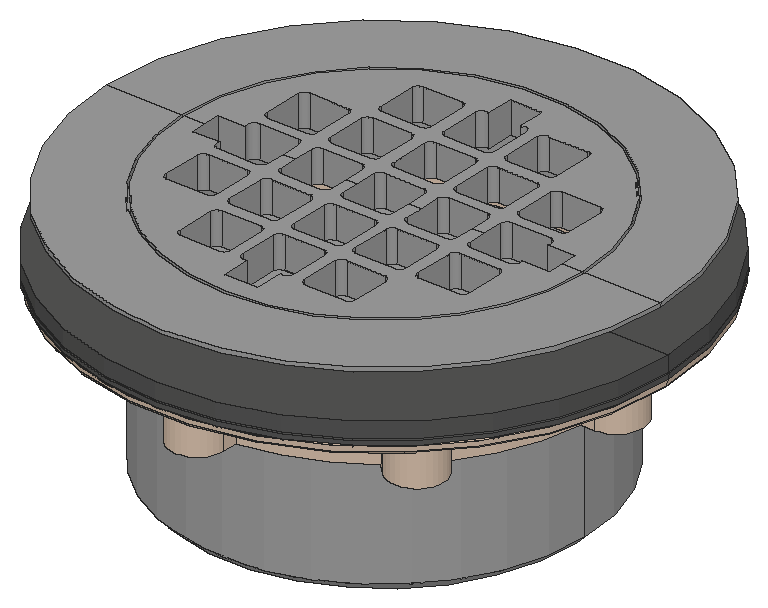
Revit family "Shower-Drain-KOHLER-Round-K-9132", category Specialty Equipment, host Face, Revit 2015
Parameters (values of type "See Type Catalog")
  Width = 4 1/2"  # constant formula
  URL = "https://www.us.kohler.com/us/"
  Type = 0
  Product Page URL = "http://www.us.kohler.com/us/catalog/productDetails.jsp?productNumber=9132"
  Product Name = "Shower Drain"  # constant formula
  Product Documentation Link = "http://www.us.kohler.com/onlinecatalog/pdf/K-9132_spec.pdf"
  Model = if(Type = 1, "K-9132-CP", if(Type = 2, "K-9132-SN", if(Type = 3, "K-9132-AF", if(Type = 4, "K-9132-PB", if(Type = 5, "K-9132-BGD", if(Type = 6, "K-9132-G", if(Type = 7, "K-9132-BN", if(Type = 8, "K-9132-BV", if(Type = 9, "K-9132-2BZ", if(Type = 10, "K-9132-BL", if(Type = 11, "K-9132-TT", if(Type = 12, "K-9132-VNT", "NA"))))))))))))  # "NA"
  Material = "Solid Brass Construction"  # constant formula
  MasterFormat 2004 = "10.28.13"  # constant formula
  MasterFormat 1995 = "10820"  # constant formula
  Manufacturer Address = "444 Highland Dr, Kohler, WI 53044"  # constant formula
  Manufacturer = "KOHLER Co."  # constant formula
  Length = 4 1/2"  # constant formula
  Height = 1 15/16"  # constant formula
  Finish = Default
  Environmental Product Declaration = ""
  Description = "Round shower drain for use with plastic pipe, gasket included"  # constant formula
  Default Elevation = 42"
  Declare Label = ""
  Date Modified = "02/28/2018"  # constant formula
  Date Created = "02/28/2018"  # constant formula
  Copyright = "Copyright KOHLER Co."  # constant formula
  Contact Us = "https://www.us.kohler.com/us/static/contact.jsp"
  Assembly Code = "C1030200"
  ADA = no
Reference planes (in)
  plane 1 "Center (Front/Back)": y = 0
  plane 2: z = 0
  plane 3 "Center (Left/Right)": x = 0
  plane 4: y = 2.25003
  plane 5: y = -2.24997
  plane 6: x = -2.25
  plane 7: x = 2.25
  plane 8: z = 1.9375
Dimensions and locks (in)
  "Length": plane 5 to plane 4
  "Width": plane 6 to plane 7
  "Height": plane 8 to level
  aligned and locked: plane 2 to host face
  aligned and locked: level to host face
Automatic sketch dimensions
  host sketch curve to host sketch curve = 96"  (x2)
Nested families (in)
  nested 1: "K-9132" at (0, 0, 0), type "K-9132"
Definition of nested family "K-9132"
  Parameters (values of type "K-9132")
    Material = none
  Reference planes (in)
    plane 1 "Center (Front/Back)": y = 0
    plane 2: z = 0
    plane 3 "Center (Left/Right)": x = 0
  Forms (in)
    Revolve 1, solid, material <- "Material"
      sketch origin (0, 0, 0) x (1, 0, 0) y (0, 0, 1)
        loop
          line (0, 1.9375) -> (-1.57251, 1.9375) -> (-1.57251, 1.86867)
          arc (-1.57251, 1.86867) -> (-1.58313, 1.85805) -> (-1.59375, 1.86867) r 0.01062
          line (-1.59375, 1.86867) -> (-1.59375, 1.9375) -> (-2.1875, 1.9375) -> (-2.1875, 1.90626) -> (-1.64103, 1.80003)
          arc (-1.64103, 1.80003) -> (-1.60477, 1.77844) -> (-1.59054, 1.73871) r 0.06239
          line (-1.59054, 1.73871) -> (-1.59054, 0.0671) -> (-1.52344, 0) -> (0, 0) -> (0, 1.11933) -> (-1.49608, 1.11933) -> (-1.49608, 1.6875) -> (0, 1.6875) -> (0, 1.9375)
        axis (0, 1.9375) -> (0, 0)
      angle from 0 to 360
    Revolve 2, solid
      sketch origin (0, 0, 0) x (1, 0, 0) y (0, 0, 1)
        loop
          line (-1.59021, 1.59125) -> (-2.25, 1.59125) -> (-2.25, 1.46625) -> (-1.59071, 1.46625)
          arc (-1.59071, 1.46625) -> (-1.61744, 1.45405) -> (-1.64669, 1.45125) r 0.08879
          line (-1.64669, 1.45125) -> (-2.25, 1.45125) -> (-2.25, 1.42049) -> (-1.59071, 1.42049)
          arc (-1.59071, 1.42049) -> (-1.60519, 1.40997) -> (-1.62269, 1.40625) r 0.04303
          line (-1.62269, 1.40625) -> (-1.54652, 1.40625) -> (-1.54652, 1.59125) -> (-1.59021, 1.59125)
        axis (0, 1.59125) -> (0, 1.40625)
      angle from 0 to 360
    Extrusion 3, solid
      sketch origin (0, 0, 0) x (1, 0, 0) y (0, 1, 0)
        loop
          line (-1.0706, 1.36919) -> (-1.15295, 1.45155)
          arc (-1.15295, 1.45155) -> (-1.45216, 1.451) -> (-1.45051, 1.15179) r 0.21118
          line (-1.45051, 1.15179) -> (-1.36925, 1.07053)
          arc (-1.36925, 1.07053) -> (-1.60563, 0.66546) -> (-1.7251, 0.21194) r 1.73807
          line (-1.7251, 0.21194) -> (-1.83573, 0.21194)
          arc (-1.83573, 0.21194) -> (-2.04847, 0.00154) -> (-1.83728, -0.21042) r 0.21118
          line (-1.83728, -0.21042) -> (-1.72528, -0.21042)
          arc (-1.72528, -0.21042) -> (-1.60592, -0.66475) -> (-1.36925, -1.07053) r 1.73807
          line (-1.36925, -1.07053) -> (-1.45051, -1.15179)
          arc (-1.45051, -1.15179) -> (-1.45216, -1.451) -> (-1.15295, -1.45155) r 0.21118
          line (-1.15295, -1.45155) -> (-1.0706, -1.36919)
          arc (-1.0706, -1.36919) -> (-0.66511, -1.60577) -> (-0.21109, -1.7252) r 1.73807
          line (-0.21109, -1.7252) -> (-0.21109, -1.83809)
          arc (-0.21109, -1.83809) -> (-0.00069, -2.05083) -> (0.21127, -1.83964) r 0.21118
          line (0.21127, -1.83964) -> (0.21127, -1.72518)
          arc (0.21127, -1.72518) -> (0.66519, -1.60574) -> (1.0706, -1.36919) r 1.73807
          line (1.0706, -1.36919) -> (1.15295, -1.45155)
          arc (1.15295, -1.45155) -> (1.45216, -1.451) -> (1.45051, -1.15179) r 0.21118
          line (1.45051, -1.15179) -> (1.36925, -1.07053)
          arc (1.36925, -1.07053) -> (1.60592, -0.66475) -> (1.72528, -0.21042) r 1.73807
          line (1.72528, -0.21042) -> (1.83728, -0.21042)
          arc (1.83728, -0.21042) -> (2.04847, 0.00154) -> (1.83573, 0.21194) r 0.21118
          line (1.83573, 0.21194) -> (1.7251, 0.21194)
          arc (1.7251, 0.21194) -> (1.60563, 0.66546) -> (1.36925, 1.07053) r 1.73807
          line (1.36925, 1.07053) -> (1.45051, 1.15179)
          arc (1.45051, 1.15179) -> (1.45216, 1.451) -> (1.15295, 1.45155) r 0.21118
          line (1.15295, 1.45155) -> (1.0706, 1.36919)
          arc (1.0706, 1.36919) -> (0.66519, 1.60574) -> (0.21127, 1.72518) r 1.73807
          line (0.21127, 1.72518) -> (0.21127, 1.83964)
          arc (0.21127, 1.83964) -> (-0.00069, 2.05083) -> (-0.21109, 1.83809) r 0.21118
          line (-0.21109, 1.83809) -> (-0.21109, 1.7252)
          arc (-0.21109, 1.7252) -> (-0.66511, 1.60577) -> (-1.0706, 1.36919) r 1.73807
        loop
          circle (-0.00069, 0) r 1.47986
      from 1 to 1.33897
    Extrusion 4, void
      sketch origin (0, 0, 0) x (1, 0, 0) y (0, 1, 0)
        loop
          arc (-1.19975, 0.34556) -> (-1.18458, 0.30892) -> (-1.14794, 0.29375) r 0.05181
          line (-1.14794, 0.29375) -> (-0.84095, 0.29375)
          arc (-0.84095, 0.29375) -> (-0.80757, 0.30757) -> (-0.79375, 0.34095) r 0.0472
          line (-0.79375, 0.34095) -> (-0.79375, 0.64898)
          arc (-0.79375, 0.64898) -> (-0.80862, 0.68488) -> (-0.84452, 0.69975) r 0.05077
          line (-0.84452, 0.69975) -> (-1.14776, 0.69975)
          arc (-1.14776, 0.69975) -> (-1.18452, 0.68452) -> (-1.19975, 0.64776) r 0.05199
          line (-1.19975, 0.64776) -> (-1.19975, 0.34556)
        loop
          arc (-0.69975, 0.34556) -> (-0.68458, 0.30892) -> (-0.64794, 0.29375) r 0.05181
          line (-0.64794, 0.29375) -> (-0.34095, 0.29375)
          arc (-0.34095, 0.29375) -> (-0.30757, 0.30757) -> (-0.29375, 0.34095) r 0.0472
          line (-0.29375, 0.34095) -> (-0.29375, 0.64898)
          arc (-0.29375, 0.64898) -> (-0.30862, 0.68488) -> (-0.34452, 0.69975) r 0.05077
          line (-0.34452, 0.69975) -> (-0.64776, 0.69975)
          arc (-0.64776, 0.69975) -> (-0.68452, 0.68452) -> (-0.69975, 0.64776) r 0.05199
          line (-0.69975, 0.64776) -> (-0.69975, 0.34556)
        loop
          arc (-0.19975, 0.34556) -> (-0.18458, 0.30892) -> (-0.14794, 0.29375) r 0.05181
          line (-0.14794, 0.29375) -> (0.15905, 0.29375)
          arc (0.15905, 0.29375) -> (0.19243, 0.30757) -> (0.20625, 0.34095) r 0.0472
          line (0.20625, 0.34095) -> (0.20625, 0.64898)
          arc (0.20625, 0.64898) -> (0.19138, 0.68488) -> (0.15548, 0.69975) r 0.05077
          line (0.15548, 0.69975) -> (-0.14776, 0.69975)
          arc (-0.14776, 0.69975) -> (-0.18452, 0.68452) -> (-0.19975, 0.64776) r 0.05199
          line (-0.19975, 0.64776) -> (-0.19975, 0.34556)
        loop
          arc (0.29244, 0.34556) -> (0.30761, 0.30892) -> (0.34425, 0.29375) r 0.05181
          line (0.34425, 0.29375) -> (0.65124, 0.29375)
          arc (0.65124, 0.29375) -> (0.68461, 0.30757) -> (0.69844, 0.34095) r 0.0472
          line (0.69844, 0.34095) -> (0.69844, 0.64898)
          arc (0.69844, 0.64898) -> (0.68357, 0.68488) -> (0.64766, 0.69975) r 0.05077
          line (0.64766, 0.69975) -> (0.34443, 0.69975)
          arc (0.34443, 0.69975) -> (0.30767, 0.68452) -> (0.29244, 0.64776) r 0.05199
          line (0.29244, 0.64776) -> (0.29244, 0.34556)
        loop
          arc (0.79244, 0.34556) -> (0.80761, 0.30892) -> (0.84425, 0.29375) r 0.05181
          line (0.84425, 0.29375) -> (1.15124, 0.29375)
          arc (1.15124, 0.29375) -> (1.18461, 0.30757) -> (1.19844, 0.34095) r 0.0472
          line (1.19844, 0.34095) -> (1.19844, 0.64898)
          arc (1.19844, 0.64898) -> (1.18357, 0.68488) -> (1.14766, 0.69975) r 0.05077
          line (1.14766, 0.69975) -> (0.84443, 0.69975)
          arc (0.84443, 0.69975) -> (0.80767, 0.68452) -> (0.79244, 0.64776) r 0.05199
          line (0.79244, 0.64776) -> (0.79244, 0.34556)
        loop
          arc (-0.69592, -0.14819) -> (-0.68074, -0.18483) -> (-0.64411, -0.2) r 0.05181
          line (-0.64411, -0.2) -> (-0.33712, -0.2)
          arc (-0.33712, -0.2) -> (-0.30374, -0.18618) -> (-0.28992, -0.1528) r 0.0472
          line (-0.28992, -0.1528) -> (-0.28992, 0.15523)
          arc (-0.28992, 0.15523) -> (-0.30479, 0.19113) -> (-0.34069, 0.206) r 0.05077
          line (-0.34069, 0.206) -> (-0.64392, 0.206)
          arc (-0.64392, 0.206) -> (-0.68069, 0.19077) -> (-0.69592, 0.15401) r 0.05199
          line (-0.69592, 0.15401) -> (-0.69592, -0.14819)
        loop
          arc (-0.20373, -0.14819) -> (-0.18856, -0.18483) -> (-0.15192, -0.2) r 0.05181
          line (-0.15192, -0.2) -> (0.15507, -0.2)
          arc (0.15507, -0.2) -> (0.18844, -0.18618) -> (0.20227, -0.1528) r 0.0472
          line (0.20227, -0.1528) -> (0.20227, 0.15523)
          arc (0.20227, 0.15523) -> (0.1874, 0.19113) -> (0.1515, 0.206) r 0.05077
          line (0.1515, 0.206) -> (-0.15174, 0.206)
          arc (-0.15174, 0.206) -> (-0.1885, 0.19077) -> (-0.20373, 0.15401) r 0.05199
          line (-0.20373, 0.15401) -> (-0.20373, -0.14819)
        loop
          arc (0.29627, -0.14819) -> (0.31144, -0.18483) -> (0.34808, -0.2) r 0.05181
          line (0.34808, -0.2) -> (0.65507, -0.2)
          arc (0.65507, -0.2) -> (0.68844, -0.18618) -> (0.70227, -0.1528) r 0.0472
          line (0.70227, -0.1528) -> (0.70227, 0.15523)
          arc (0.70227, 0.15523) -> (0.6874, 0.19113) -> (0.6515, 0.206) r 0.05077
          line (0.6515, 0.206) -> (0.34826, 0.206)
          arc (0.34826, 0.206) -> (0.3115, 0.19077) -> (0.29627, 0.15401) r 0.05199
          line (0.29627, 0.15401) -> (0.29627, -0.14819)
        loop
          arc (0.79627, -0.14819) -> (0.81144, -0.18483) -> (0.84808, -0.2) r 0.05181
          line (0.84808, -0.2) -> (1.15507, -0.2)
          arc (1.15507, -0.2) -> (1.19714, -0.1742) -> (1.19321, -0.125) r 0.0472
          line (1.19321, -0.125) -> (1.4115, -0.125) -> (1.4115, 0.125) -> (1.19229, 0.125)
          arc (1.19229, 0.125) -> (1.19684, 0.17807) -> (1.1515, 0.206) r 0.05077
          line (1.1515, 0.206) -> (0.84826, 0.206)
          arc (0.84826, 0.206) -> (0.8115, 0.19077) -> (0.79627, 0.15401) r 0.05199
          line (0.79627, 0.15401) -> (0.79627, -0.14819)
        loop
          arc (-0.70199, -0.64794) -> (-0.68681, -0.68458) -> (-0.65018, -0.69975) r 0.05181
          line (-0.65018, -0.69975) -> (-0.34318, -0.69975)
          arc (-0.34318, -0.69975) -> (-0.30981, -0.68593) -> (-0.29599, -0.65255) r 0.0472
          line (-0.29599, -0.65255) -> (-0.29599, -0.34452)
          arc (-0.29599, -0.34452) -> (-0.31086, -0.30862) -> (-0.34676, -0.29375) r 0.05077
          line (-0.34676, -0.29375) -> (-0.64999, -0.29375)
          arc (-0.64999, -0.29375) -> (-0.68676, -0.30898) -> (-0.70199, -0.34574) r 0.05199
          line (-0.70199, -0.34574) -> (-0.70199, -0.64794)
        loop
          arc (-0.19544, -0.64794) -> (-0.18027, -0.68458) -> (-0.14363, -0.69975) r 0.05181
          line (-0.14363, -0.69975) -> (0.16336, -0.69975)
          arc (0.16336, -0.69975) -> (0.19673, -0.68593) -> (0.21056, -0.65255) r 0.0472
          line (0.21056, -0.65255) -> (0.21056, -0.34452)
          arc (0.21056, -0.34452) -> (0.19569, -0.30862) -> (0.15979, -0.29375) r 0.05077
          line (0.15979, -0.29375) -> (-0.14345, -0.29375)
          arc (-0.14345, -0.29375) -> (-0.18021, -0.30898) -> (-0.19544, -0.34574) r 0.05199
          line (-0.19544, -0.34574) -> (-0.19544, -0.64794)
        loop
          arc (0.28893, -0.64794) -> (0.30411, -0.68458) -> (0.34074, -0.69975) r 0.05181
          line (0.34074, -0.69975) -> (0.64774, -0.69975)
          arc (0.64774, -0.69975) -> (0.68111, -0.68593) -> (0.69493, -0.65255) r 0.0472
          line (0.69493, -0.65255) -> (0.69493, -0.34452)
          arc (0.69493, -0.34452) -> (0.68006, -0.30862) -> (0.64416, -0.29375) r 0.05077
          line (0.64416, -0.29375) -> (0.34093, -0.29375)
          arc (0.34093, -0.29375) -> (0.30416, -0.30898) -> (0.28893, -0.34574) r 0.05199
          line (0.28893, -0.34574) -> (0.28893, -0.64794)
        loop
          arc (0.78893, -0.64794) -> (0.80411, -0.68458) -> (0.84074, -0.69975) r 0.05181
          line (0.84074, -0.69975) -> (1.14774, -0.69975)
          arc (1.14774, -0.69975) -> (1.18111, -0.68593) -> (1.19493, -0.65255) r 0.0472
          line (1.19493, -0.65255) -> (1.19493, -0.34452)
          arc (1.19493, -0.34452) -> (1.18006, -0.30862) -> (1.14416, -0.29375) r 0.05077
          line (1.14416, -0.29375) -> (0.84093, -0.29375)
          arc (0.84093, -0.29375) -> (0.80416, -0.30898) -> (0.78893, -0.34574) r 0.05199
          line (0.78893, -0.34574) -> (0.78893, -0.64794)
        loop
          arc (-0.69442, -1.14794) -> (-0.67925, -1.18458) -> (-0.64261, -1.19975) r 0.05181
          line (-0.64261, -1.19975) -> (-0.33562, -1.19975)
          arc (-0.33562, -1.19975) -> (-0.30225, -1.18593) -> (-0.28842, -1.15255) r 0.0472
          line (-0.28842, -1.15255) -> (-0.28842, -0.84452)
          arc (-0.28842, -0.84452) -> (-0.30329, -0.80862) -> (-0.3392, -0.79375) r 0.05077
          line (-0.3392, -0.79375) -> (-0.64243, -0.79375)
          arc (-0.64243, -0.79375) -> (-0.67919, -0.80898) -> (-0.69442, -0.84574) r 0.05199
          line (-0.69442, -0.84574) -> (-0.69442, -1.14794)
        loop
          arc (-0.20481, -1.13909) -> (-0.18032, -1.18311) -> (-0.13, -1.18551) r 0.05181
          line (-0.13, -1.18551) -> (-0.13, -1.4115) -> (0.13, -1.4115) -> (0.13, -1.18435)
          arc (0.13, -1.18435) -> (0.17739, -1.18469) -> (0.20119, -1.1437) r 0.0472
          line (0.20119, -1.1437) -> (0.20119, -0.83567)
          arc (0.20119, -0.83567) -> (0.18632, -0.79977) -> (0.15041, -0.7849) r 0.05077
          line (0.15041, -0.7849) -> (-0.15282, -0.7849)
          arc (-0.15282, -0.7849) -> (-0.18958, -0.80013) -> (-0.20481, -0.83689) r 0.05199
          line (-0.20481, -0.83689) -> (-0.20481, -1.13909)
        loop
          arc (0.29519, -1.15472) -> (0.31036, -1.19135) -> (0.347, -1.20652) r 0.05181
          line (0.347, -1.20652) -> (0.65399, -1.20652)
          arc (0.65399, -1.20652) -> (0.68736, -1.1927) -> (0.70119, -1.15933) r 0.0472
          line (0.70119, -1.15933) -> (0.70119, -0.8513)
          arc (0.70119, -0.8513) -> (0.68632, -0.81539) -> (0.65041, -0.80052) r 0.05077
          line (0.65041, -0.80052) -> (0.34718, -0.80052)
          arc (0.34718, -0.80052) -> (0.31042, -0.81575) -> (0.29519, -0.85252) r 0.05199
          line (0.29519, -0.85252) -> (0.29519, -1.15472)
        loop
          arc (-0.69999, 0.84531) -> (-0.68482, 0.80867) -> (-0.64818, 0.7935) r 0.05181
          line (-0.64818, 0.7935) -> (-0.34119, 0.7935)
          arc (-0.34119, 0.7935) -> (-0.30781, 0.80732) -> (-0.29399, 0.8407) r 0.0472
          line (-0.29399, 0.8407) -> (-0.29399, 1.14873)
          arc (-0.29399, 1.14873) -> (-0.30886, 1.18463) -> (-0.34476, 1.1995) r 0.05077
          line (-0.34476, 1.1995) -> (-0.648, 1.1995)
          arc (-0.648, 1.1995) -> (-0.68476, 1.18427) -> (-0.69999, 1.14751) r 0.05199
          line (-0.69999, 1.14751) -> (-0.69999, 0.84531)
        loop
          arc (-0.19999, 0.84531) -> (-0.18482, 0.80867) -> (-0.14818, 0.7935) r 0.05181
          line (-0.14818, 0.7935) -> (0.15881, 0.7935)
          arc (0.15881, 0.7935) -> (0.19219, 0.80732) -> (0.20601, 0.8407) r 0.0472
          line (0.20601, 0.8407) -> (0.20601, 1.14873)
          arc (0.20601, 1.14873) -> (0.1807, 1.19265) -> (0.13, 1.19278) r 0.05077
          line (0.13, 1.19278) -> (0.13, 1.4115) -> (-0.13, 1.4115) -> (-0.13, 1.19629)
          arc (-0.13, 1.19629) -> (-0.17773, 1.19016) -> (-0.19999, 1.14751) r 0.05199
          line (-0.19999, 1.14751) -> (-0.19999, 0.84531)
        loop
          arc (0.2922, 0.84531) -> (0.30737, 0.80867) -> (0.344, 0.7935) r 0.05181
          line (0.344, 0.7935) -> (0.651, 0.7935)
          arc (0.651, 0.7935) -> (0.68437, 0.80732) -> (0.6982, 0.8407) r 0.0472
          line (0.6982, 0.8407) -> (0.6982, 1.14873)
          arc (0.6982, 1.14873) -> (0.68333, 1.18463) -> (0.64742, 1.1995) r 0.05077
          line (0.64742, 1.1995) -> (0.34419, 1.1995)
          arc (0.34419, 1.1995) -> (0.30743, 1.18427) -> (0.2922, 1.14751) r 0.05199
          line (0.2922, 1.14751) -> (0.2922, 0.84531)
        loop
          arc (-0.7926, 0.15523) -> (-0.80747, 0.19113) -> (-0.84337, 0.206) r 0.05077
          line (-0.84337, 0.206) -> (-1.1466, 0.206)
          arc (-1.1466, 0.206) -> (-1.19249, 0.17845) -> (-1.18975, 0.125) r 0.05199
          line (-1.18975, 0.125) -> (-1.4115, 0.125) -> (-1.4115, -0.125) -> (-1.19312, -0.125)
          arc (-1.19312, -0.125) -> (-1.19087, -0.17542) -> (-1.14679, -0.2) r 0.05181
          line (-1.14679, -0.2) -> (-0.8398, -0.2)
          arc (-0.8398, -0.2) -> (-0.80642, -0.18618) -> (-0.7926, -0.1528) r 0.0472
          line (-0.7926, -0.1528) -> (-0.7926, 0.15523)
        loop
          arc (-1.20175, -0.64794) -> (-1.18658, -0.68458) -> (-1.14994, -0.69975) r 0.05181
          line (-1.14994, -0.69975) -> (-0.84295, -0.69975)
          arc (-0.84295, -0.69975) -> (-0.80957, -0.68593) -> (-0.79575, -0.65255) r 0.0472
          line (-0.79575, -0.65255) -> (-0.79575, -0.34452)
          arc (-0.79575, -0.34452) -> (-0.81062, -0.30862) -> (-0.84652, -0.29375) r 0.05077
          line (-0.84652, -0.29375) -> (-1.14975, -0.29375)
          arc (-1.14975, -0.29375) -> (-1.18652, -0.30898) -> (-1.20175, -0.34574) r 0.05199
          line (-1.20175, -0.34574) -> (-1.20175, -0.64794)
      from 1.65825 to 2.06845
    Revolve 5, solid
      sketch origin (0, 0, 0) x (1, 0, 0) y (0, 0, 1)
        loop
          line (-1.54652, 1.40625) -> (-2.24354, 1.40625) -> (-2.23858, 1.36584)
          arc (-2.23858, 1.36584) -> (-2.21912, 1.34779) -> (-2.19409, 1.33897) r 0.0653
          line (-2.19409, 1.33897) -> (-1.54652, 1.33897) -> (-1.54652, 1.40625)
        axis (0, 1.40625) -> (0, 1.33897)
      angle from 0 to 360
  Cuts and joins
    Extrusion 4 cuts Revolve 1
    joined: Extrusion 3, Revolve 5
  Lines and regions (in)
    Masking region 1
      outline origin (0, 0, 0) x (1, 0, 0) y (0, 1, 0)
        loop
          circle (0, 0) r 2.25
    Masking region 2
      outline origin (0, 0, 0) x (1, 0, 0) y (0, 0, 1)
        loop
          arc (-1.6199, 1.40625) -> (-1.60342, 1.4095) -> (-1.59071, 1.42049) r 0.03278
          line (-1.59071, 1.42049) -> (-2.25, 1.42049) -> (-2.25, 1.45125) -> (-1.63436, 1.45125)
          arc (-1.63436, 1.45125) -> (-1.61128, 1.4551) -> (-1.59071, 1.46625) r 0.071
          line (-1.59071, 1.46625) -> (-2.25, 1.46625) -> (-2.25, 1.59125) -> (-1.59049, 1.59125) -> (-1.59049, 1.74243)
          arc (-1.59049, 1.74243) -> (-1.60373, 1.7793) -> (-1.63739, 1.79933) r 0.05796
          line (-1.63739, 1.79933) -> (-2.1875, 1.90626) -> (-2.1875, 1.9375) -> (2.1875, 1.9375) -> (2.1875, 1.90626) -> (1.63739, 1.79933)
          arc (1.63739, 1.79933) -> (1.60373, 1.7793) -> (1.59049, 1.74243) r 0.05796
          line (1.59049, 1.74243) -> (1.59049, 1.59125) -> (2.25, 1.59125) -> (2.25, 1.46625) -> (1.59071, 1.46625)
          arc (1.59071, 1.46625) -> (1.61128, 1.4551) -> (1.63436, 1.45125) r 0.071
          line (1.63436, 1.45125) -> (2.25, 1.45125) -> (2.25, 1.42049) -> (1.59071, 1.42049)
          arc (1.59071, 1.42049) -> (1.60342, 1.4095) -> (1.6199, 1.40625) r 0.03278
        loop
          line (-1.61567, 1.40625) -> (-2.24354, 1.40625) -> (-2.23858, 1.36584)
          arc (-2.23858, 1.36584) -> (-2.21938, 1.34736) -> (-2.19409, 1.33897) r 0.06016
          line (-2.19409, 1.33897) -> (-2.04847, 1.33897) -> (-2.04847, 1) -> (-1.59054, 1) -> (-1.59054, 0.0671) -> (-1.52344, 0) -> (1.52344, 0) -> (1.59054, 0.0671) -> (1.59054, 1) -> (2.04847, 1) -> (2.04847, 1.33897) -> (2.19409, 1.33897)
          arc (2.19409, 1.33897) -> (2.21938, 1.34736) -> (2.23858, 1.36584) r 0.06016
          line (2.23858, 1.36584) -> (2.24354, 1.40625) -> (1.61567, 1.40625)
    Masking region 3
      outline origin (0, 0, 0) x (0, 1, 0) y (0, 0, 1)
        loop
          arc (1.61994, 1.40625) -> (1.60345, 1.4095) -> (1.59075, 1.42049) r 0.03278
          line (1.59075, 1.42049) -> (2.25003, 1.42049) -> (2.25003, 1.45125) -> (1.63439, 1.45125)
          arc (1.63439, 1.45125) -> (1.61131, 1.4551) -> (1.59075, 1.46625) r 0.071
          line (1.59075, 1.46625) -> (2.25003, 1.46625) -> (2.25003, 1.59125) -> (1.59052, 1.59125) -> (1.59052, 1.74243)
          arc (1.59052, 1.74243) -> (1.60376, 1.7793) -> (1.63742, 1.79933) r 0.05796
          line (1.63742, 1.79933) -> (2.18753, 1.90626) -> (2.18753, 1.9375) -> (-2.18747, 1.9375) -> (-2.18747, 1.90626) -> (-1.63736, 1.79933)
          arc (-1.63736, 1.79933) -> (-1.60369, 1.7793) -> (-1.59046, 1.74243) r 0.05796
          line (-1.59046, 1.74243) -> (-1.59046, 1.59125) -> (-2.24997, 1.59125) -> (-2.24997, 1.46625) -> (-1.59068, 1.46625)
          arc (-1.59068, 1.46625) -> (-1.61125, 1.4551) -> (-1.63432, 1.45125) r 0.071
          line (-1.63432, 1.45125) -> (-2.24997, 1.45125) -> (-2.24997, 1.42049) -> (-1.59068, 1.42049)
          arc (-1.59068, 1.42049) -> (-1.60339, 1.4095) -> (-1.61987, 1.40625) r 0.03278
        loop
          line (1.61571, 1.40625) -> (2.24357, 1.40625) -> (2.23861, 1.36584)
          arc (2.23861, 1.36584) -> (2.21942, 1.34736) -> (2.19412, 1.33897) r 0.06016
          line (2.19412, 1.33897) -> (2.0485, 1.33897) -> (2.0485, 1) -> (1.59058, 1) -> (1.59058, 0.0671) -> (1.52348, 0) -> (-1.52341, 0) -> (-1.59051, 0.0671) -> (-1.59051, 1) -> (-2.04843, 1) -> (-2.04843, 1.33897) -> (-2.19406, 1.33897)
          arc (-2.19406, 1.33897) -> (-2.21935, 1.34736) -> (-2.23854, 1.36584) r 0.06016
          line (-2.23854, 1.36584) -> (-2.2435, 1.40625) -> (-1.61564, 1.40625)
    symbolic lines, detail levels medium+fine
      curve 1: arc (1.59071, 0, 0) -> (0, 1.59071, 0) -> (-1.59071, 0, 0) r 1.59071
      curve 2: arc (-1.57251, 0, 0) -> (0, 1.57251, 0) -> (1.57251, 0, 0) r 1.57251
      curve 3: arc (2.19409, 0, 0) -> (0, 2.19409, 0) -> (-2.19409, 0, 0) r 2.19409
      curve 4: arc (1.59375, 0, 0) -> (0, -1.59375, 0) -> (-1.59375, 0, 0) r 1.59375
      curve 5: arc (1.57251, 0, 0) -> (0, -1.57251, 0) -> (-1.57251, 0, 0) r 1.57251
      curve 6: arc (-2.19409, 0, 0) -> (0, -2.19409, 0) -> (2.19409, 0, 0) r 2.19409
      curve 7: line (0.13, 1.4115, 0) -> (-0.13, 1.4115, 0)
      curve 8: line (-0.19999, 1.14751, 0) -> (-0.19999, 0.84531, 0)
      curve 9: line (0.20601, 0.8407, 0) -> (0.20601, 1.14873, 0)
      curve 10: arc (0.20601, 1.14873, 0) -> (0.1807, 1.19265, 0) -> (0.13, 1.19278, 0) r 0.05077
      curve 11: arc (-0.13, 1.19629, 0) -> (-0.17773, 1.19016, 0) -> (-0.19999, 1.14751, 0) r 0.05199
      curve 12: line (-0.13, 1.4115, 0) -> (-0.13, 1.19629, 0)
      curve 13: line (0.13, 1.19278, 0) -> (0.13, 1.4115, 0)
      curve 14: line (-0.14818, 0.7935, 0) -> (0.15881, 0.7935, 0)
      curve 15: arc (-0.19999, 0.84531, 0) -> (-0.18482, 0.80867, 0) -> (-0.14818, 0.7935, 0) r 0.05181
      curve 16: arc (0.15881, 0.7935, 0) -> (0.19219, 0.80732, 0) -> (0.20601, 0.8407, 0) r 0.0472
      curve 17: line (-0.64818, 0.7935, 0) -> (-0.34119, 0.7935, 0)
      curve 18: line (-0.34452, 0.69975, 0) -> (-0.64776, 0.69975, 0)
      curve 19: line (-0.29375, 0.34095, 0) -> (-0.29375, 0.64898, 0)
      curve 20: line (-0.69975, 0.64776, 0) -> (-0.69975, 0.34556, 0)
      curve 21: line (-0.64794, 0.29375, 0) -> (-0.34095, 0.29375, 0)
      curve 22: line (-0.34476, 1.1995, 0) -> (-0.648, 1.1995, 0)
      curve 23: line (-0.29399, 0.8407, 0) -> (-0.29399, 1.14873, 0)
      curve 24: line (-0.69999, 1.14751, 0) -> (-0.69999, 0.84531, 0)
      curve 25: arc (-0.29375, 0.64898, 0) -> (-0.30862, 0.68488, 0) -> (-0.34452, 0.69975, 0) r 0.05077
      curve 26: arc (-0.64776, 0.69975, 0) -> (-0.68452, 0.68452, 0) -> (-0.69975, 0.64776, 0) r 0.05199
      curve 27: arc (-0.69975, 0.34556, 0) -> (-0.68458, 0.30892, 0) -> (-0.64794, 0.29375, 0) r 0.05181
      curve 28: arc (-0.34095, 0.29375, 0) -> (-0.30757, 0.30757, 0) -> (-0.29375, 0.34095, 0) r 0.0472
      curve 29: arc (-0.29399, 1.14873, 0) -> (-0.30886, 1.18463, 0) -> (-0.34476, 1.1995, 0) r 0.05077
      curve 30: arc (-0.34119, 0.7935, 0) -> (-0.30781, 0.80732, 0) -> (-0.29399, 0.8407, 0) r 0.0472
      curve 31: arc (-0.69999, 0.84531, 0) -> (-0.68482, 0.80867, 0) -> (-0.64818, 0.7935, 0) r 0.05181
      curve 32: arc (-0.648, 1.1995, 0) -> (-0.68476, 1.18427, 0) -> (-0.69999, 1.14751, 0) r 0.05199
      curve 33: line (0.64742, 1.1995, 0) -> (0.34419, 1.1995, 0)
      curve 34: line (0.2922, 1.14751, 0) -> (0.2922, 0.84531, 0)
      curve 35: line (0.344, 0.7935, 0) -> (0.651, 0.7935, 0)
      curve 36: line (0.6982, 0.8407, 0) -> (0.6982, 1.14873, 0)
      curve 37: arc (0.34419, 1.1995, 0) -> (0.30743, 1.18427, 0) -> (0.2922, 1.14751, 0) r 0.05199
      curve 38: arc (0.2922, 0.84531, 0) -> (0.30737, 0.80867, 0) -> (0.344, 0.7935, 0) r 0.05181
      curve 39: arc (0.651, 0.7935, 0) -> (0.68437, 0.80732, 0) -> (0.6982, 0.8407, 0) r 0.0472
      curve 40: arc (0.6982, 1.14873, 0) -> (0.68333, 1.18463, 0) -> (0.64742, 1.1995, 0) r 0.05077
      curve 41: line (-0.19975, 0.64776, 0) -> (-0.19975, 0.34556, 0)
      curve 42: line (0.20625, 0.34095, 0) -> (0.20625, 0.64898, 0)
      curve 43: line (0.15548, 0.69975, 0) -> (-0.14776, 0.69975, 0)
      curve 44: line (-0.14794, 0.29375, 0) -> (0.15905, 0.29375, 0)
      curve 45: arc (-0.14776, 0.69975, 0) -> (-0.18452, 0.68452, 0) -> (-0.19975, 0.64776, 0) r 0.05199
      curve 46: arc (0.20625, 0.64898, 0) -> (0.19138, 0.68488, 0) -> (0.15548, 0.69975, 0) r 0.05077
      curve 47: arc (0.15905, 0.29375, 0) -> (0.19243, 0.30757, 0) -> (0.20625, 0.34095, 0) r 0.0472
      curve 48: arc (-0.19975, 0.34556, 0) -> (-0.18458, 0.30892, 0) -> (-0.14794, 0.29375, 0) r 0.05181
      curve 49: line (0.29244, 0.64776, 0) -> (0.29244, 0.34556, 0)
      curve 50: line (0.64766, 0.69975, 0) -> (0.34443, 0.69975, 0)
      curve 51: line (0.69844, 0.34095, 0) -> (0.69844, 0.64898, 0)
      curve 52: line (0.34425, 0.29375, 0) -> (0.65124, 0.29375, 0)
      curve 53: arc (0.34443, 0.69975, 0) -> (0.30767, 0.68452, 0) -> (0.29244, 0.64776, 0) r 0.05199
      curve 54: arc (0.69844, 0.64898, 0) -> (0.68357, 0.68488, 0) -> (0.64766, 0.69975, 0) r 0.05077
      curve 55: arc (0.29244, 0.34556, 0) -> (0.30761, 0.30892, 0) -> (0.34425, 0.29375, 0) r 0.05181
      curve 56: arc (0.65124, 0.29375, 0) -> (0.68461, 0.30757, 0) -> (0.69844, 0.34095, 0) r 0.0472
      curve 57: line (-0.84452, 0.69975, 0) -> (-1.14776, 0.69975, 0)
      curve 58: line (-1.19975, 0.64776, 0) -> (-1.19975, 0.34556, 0)
      curve 59: line (-0.79375, 0.34095, 0) -> (-0.79375, 0.64898, 0)
      curve 60: line (-1.14794, 0.29375, 0) -> (-0.84095, 0.29375, 0)
      curve 61: arc (-1.14776, 0.69975, 0) -> (-1.18452, 0.68452, 0) -> (-1.19975, 0.64776, 0) r 0.05199
      curve 62: arc (-0.79375, 0.64898, 0) -> (-0.80862, 0.68488, 0) -> (-0.84452, 0.69975, 0) r 0.05077
      curve 63: arc (-0.84095, 0.29375, 0) -> (-0.80757, 0.30757, 0) -> (-0.79375, 0.34095, 0) r 0.0472
      curve 64: arc (-1.19975, 0.34556, 0) -> (-1.18458, 0.30892, 0) -> (-1.14794, 0.29375, 0) r 0.05181
      curve 65: line (1.14766, 0.69975, 0) -> (0.84443, 0.69975, 0)
      curve 66: line (0.79244, 0.64776, 0) -> (0.79244, 0.34556, 0)
      curve 67: line (0.84425, 0.29375, 0) -> (1.15124, 0.29375, 0)
      curve 68: line (1.19844, 0.34095, 0) -> (1.19844, 0.64898, 0)
      curve 69: arc (0.84443, 0.69975, 0) -> (0.80767, 0.68452, 0) -> (0.79244, 0.64776, 0) r 0.05199
      curve 70: arc (1.19844, 0.64898, 0) -> (1.18357, 0.68488, 0) -> (1.14766, 0.69975, 0) r 0.05077
      curve 71: line (0.79244, 0.64776, 0) -> (0.79244, 0.34556, 0)
      curve 72: arc (1.15124, 0.29375, 0) -> (1.18461, 0.30757, 0) -> (1.19844, 0.34095, 0) r 0.0472
      curve 73: arc (0.79244, 0.34556, 0) -> (0.80761, 0.30892, 0) -> (0.84425, 0.29375, 0) r 0.05181
      curve 74: arc (-1.1466, 0.206, 0) -> (-1.19249, 0.17845, 0) -> (-1.18975, 0.125, 0) r 0.05199
      curve 75: line (-0.84337, 0.206, 0) -> (-1.1466, 0.206, 0)
      curve 76: line (-1.4115, -0.125, 0) -> (-1.19312, -0.125, 0)
      curve 77: line (-1.18975, 0.125, 0) -> (-1.4115, 0.125, 0)
      curve 78: line (-0.7926, -0.1528, 0) -> (-0.7926, 0.15523, 0)
      curve 79: line (-1.14679, -0.2, 0) -> (-0.8398, -0.2, 0)
      curve 80: arc (-0.7926, 0.15523, 0) -> (-0.80747, 0.19113, 0) -> (-0.84337, 0.206, 0) r 0.05077
      curve 81: arc (-0.8398, -0.2, 0) -> (-0.80642, -0.18618, 0) -> (-0.7926, -0.1528, 0) r 0.0472
      curve 82: line (-1.4115, 0.125, 0) -> (-1.4115, -0.125, 0)
      curve 83: arc (-1.19312, -0.125, 0) -> (-1.19087, -0.17542, 0) -> (-1.14679, -0.2, 0) r 0.05181
      curve 84: line (-0.69592, 0.15401, 0) -> (-0.69592, -0.14819, 0)
      curve 85: line (-0.34069, 0.206, 0) -> (-0.64392, 0.206, 0)
      curve 86: line (-0.28992, -0.1528, 0) -> (-0.28992, 0.15523, 0)
      curve 87: arc (-0.64392, 0.206, 0) -> (-0.68069, 0.19077, 0) -> (-0.69592, 0.15401, 0) r 0.05199
      curve 88: arc (-0.28992, 0.15523, 0) -> (-0.30479, 0.19113, 0) -> (-0.34069, 0.206, 0) r 0.05077
      curve 89: arc (-0.69592, -0.14819, 0) -> (-0.68074, -0.18483, 0) -> (-0.64411, -0.2, 0) r 0.05181
      curve 90: arc (-0.33712, -0.2, 0) -> (-0.30374, -0.18618, 0) -> (-0.28992, -0.1528, 0) r 0.0472
      curve 91: line (-0.64411, -0.2, 0) -> (-0.33712, -0.2, 0)
      curve 92: line (-0.20373, 0.15401, 0) -> (-0.20373, -0.14819, 0)
      curve 93: line (0.1515, 0.206, 0) -> (-0.15174, 0.206, 0)
      curve 94: line (0.20227, -0.1528, 0) -> (0.20227, 0.15523, 0)
      curve 95: line (-0.15192, -0.2, 0) -> (0.15507, -0.2, 0)
      curve 96: arc (-0.15174, 0.206, 0) -> (-0.1885, 0.19077, 0) -> (-0.20373, 0.15401, 0) r 0.05199
      curve 97: arc (0.20227, 0.15523, 0) -> (0.1874, 0.19113, 0) -> (0.1515, 0.206, 0) r 0.05077
      curve 98: arc (0.15507, -0.2, 0) -> (0.18844, -0.18618, 0) -> (0.20227, -0.1528, 0) r 0.0472
      curve 99: arc (-0.20373, -0.14819, 0) -> (-0.18856, -0.18483, 0) -> (-0.15192, -0.2, 0) r 0.05181
      curve 100: line (0.6515, 0.206, 0) -> (0.34826, 0.206, 0)
      curve 101: line (1.1515, 0.206, 0) -> (0.84826, 0.206, 0)
      curve 102: line (0.29627, 0.15401, 0) -> (0.29627, -0.14819, 0)
      curve 103: line (0.70227, -0.1528, 0) -> (0.70227, 0.15523, 0)
      curve 104: line (0.79627, 0.15401, 0) -> (0.79627, -0.14819, 0)
      curve 105: line (1.4115, 0.125, 0) -> (1.19229, 0.125, 0)
      curve 106: line (1.19321, -0.125, 0) -> (1.4115, -0.125, 0)
      curve 107: line (0.84808, -0.2, 0) -> (1.15507, -0.2, 0)
      curve 108: arc (1.19229, 0.125, 0) -> (1.19684, 0.17807, 0) -> (1.1515, 0.206, 0) r 0.05077
      curve 109: arc (0.84826, 0.206, 0) -> (0.8115, 0.19077, 0) -> (0.79627, 0.15401, 0) r 0.05199
      curve 110: arc (0.79627, -0.14819, 0) -> (0.81144, -0.18483, 0) -> (0.84808, -0.2, 0) r 0.05181
      curve 111: arc (1.15507, -0.2, 0) -> (1.19714, -0.1742, 0) -> (1.19321, -0.125, 0) r 0.0472
      curve 112: line (1.4115, -0.125, 0) -> (1.4115, 0.125, 0)
      curve 113: arc (0.34826, 0.206, 0) -> (0.3115, 0.19077, 0) -> (0.29627, 0.15401, 0) r 0.05199
      curve 114: arc (0.70227, 0.15523, 0) -> (0.6874, 0.19113, 0) -> (0.6515, 0.206, 0) r 0.05077
      curve 115: line (0.64416, -0.29375, 0) -> (0.34093, -0.29375, 0)
      curve 116: arc (0.29627, -0.14819, 0) -> (0.31144, -0.18483, 0) -> (0.34808, -0.2, 0) r 0.05181
      curve 117: line (0.34808, -0.2, 0) -> (0.65507, -0.2, 0)
      curve 118: arc (0.69493, -0.34452, 0) -> (0.68006, -0.30862, 0) -> (0.64416, -0.29375, 0) r 0.05077
      curve 119: arc (0.65507, -0.2, 0) -> (0.68844, -0.18618, 0) -> (0.70227, -0.1528, 0) r 0.0472
      curve 120: line (-0.84652, -0.29375, 0) -> (-1.14975, -0.29375, 0)
      curve 121: line (-1.20175, -0.34574, 0) -> (-1.20175, -0.64794, 0)
      curve 122: line (-0.79575, -0.65255, 0) -> (-0.79575, -0.34452, 0)
      curve 123: line (-1.14994, -0.69975, 0) -> (-0.84295, -0.69975, 0)
      curve 124: line (-0.34676, -0.29375, 0) -> (-0.64999, -0.29375, 0)
      curve 125: line (-0.70199, -0.34574, 0) -> (-0.70199, -0.64794, 0)
      curve 126: line (-0.29599, -0.65255, 0) -> (-0.29599, -0.34452, 0)
      curve 127: line (-0.65018, -0.69975, 0) -> (-0.34318, -0.69975, 0)
      curve 128: line (-0.3392, -0.79375, 0) -> (-0.64243, -0.79375, 0)
      curve 129: line (0.15979, -0.29375, 0) -> (-0.14345, -0.29375, 0)
      curve 130: line (-0.19544, -0.34574, 0) -> (-0.19544, -0.64794, 0)
      curve 131: line (0.21056, -0.65255, 0) -> (0.21056, -0.34452, 0)
      curve 132: line (0.28893, -0.34574, 0) -> (0.28893, -0.64794, 0)
      curve 133: line (0.69493, -0.65255, 0) -> (0.69493, -0.34452, 0)
      curve 134: line (0.78893, -0.34574, 0) -> (0.78893, -0.64794, 0)
      curve 135: line (1.14416, -0.29375, 0) -> (0.84093, -0.29375, 0)
      curve 136: line (1.19493, -0.65255, 0) -> (1.19493, -0.34452, 0)
      curve 137: line (0.84074, -0.69975, 0) -> (1.14774, -0.69975, 0)
      curve 138: line (0.34074, -0.69975, 0) -> (0.64774, -0.69975, 0)
      curve 139: line (-0.14363, -0.69975, 0) -> (0.16336, -0.69975, 0)
      curve 140: line (-0.69442, -0.84574, 0) -> (-0.69442, -1.14794, 0)
      curve 141: line (-0.28842, -1.15255, 0) -> (-0.28842, -0.84452, 0)
      curve 142: line (0.20119, -1.1437, 0) -> (0.20119, -0.83567, 0)
      curve 143: line (0.29519, -0.85252, 0) -> (0.29519, -1.15472, 0)
      curve 144: line (0.70119, -1.15933, 0) -> (0.70119, -0.8513, 0)
      curve 145: line (0.13, -1.4115, 0) -> (0.13, -1.18435, 0)
      curve 146: line (-0.13, -1.18551, 0) -> (-0.13, -1.4115, 0)
      curve 147: arc (-1.14975, -0.29375, 0) -> (-1.18652, -0.30898, 0) -> (-1.20175, -0.34574, 0) r 0.05199
      curve 148: arc (-0.79575, -0.34452, 0) -> (-0.81062, -0.30862, 0) -> (-0.84652, -0.29375, 0) r 0.05077
      curve 149: arc (-1.20175, -0.64794, 0) -> (-1.18658, -0.68458, 0) -> (-1.14994, -0.69975, 0) r 0.05181
      curve 150: arc (-0.84295, -0.69975, 0) -> (-0.80957, -0.68593, 0) -> (-0.79575, -0.65255, 0) r 0.0472
      curve 151: arc (-0.64999, -0.29375, 0) -> (-0.68676, -0.30898, 0) -> (-0.70199, -0.34574, 0) r 0.05199
      curve 152: arc (-0.70199, -0.64794, 0) -> (-0.68681, -0.68458, 0) -> (-0.65018, -0.69975, 0) r 0.05181
      curve 153: arc (-0.29599, -0.34452, 0) -> (-0.31086, -0.30862, 0) -> (-0.34676, -0.29375, 0) r 0.05077
      curve 154: arc (-0.34318, -0.69975, 0) -> (-0.30981, -0.68593, 0) -> (-0.29599, -0.65255, 0) r 0.0472
      curve 155: arc (-0.19544, -0.64794, 0) -> (-0.18027, -0.68458, 0) -> (-0.14363, -0.69975, 0) r 0.05181
      curve 156: arc (-0.14345, -0.29375, 0) -> (-0.18021, -0.30898, 0) -> (-0.19544, -0.34574, 0) r 0.05199
      curve 157: arc (0.21056, -0.34452, 0) -> (0.19569, -0.30862, 0) -> (0.15979, -0.29375, 0) r 0.05077
      curve 158: arc (0.16336, -0.69975, 0) -> (0.19673, -0.68593, 0) -> (0.21056, -0.65255, 0) r 0.0472
      curve 159: arc (0.28893, -0.64794, 0) -> (0.30411, -0.68458, 0) -> (0.34074, -0.69975, 0) r 0.05181
      curve 160: arc (0.34093, -0.29375, 0) -> (0.30416, -0.30898, 0) -> (0.28893, -0.34574, 0) r 0.05199
      curve 161: arc (0.64774, -0.69975, 0) -> (0.68111, -0.68593, 0) -> (0.69493, -0.65255, 0) r 0.0472
      curve 162: arc (1.19493, -0.34452, 0) -> (1.18006, -0.30862, 0) -> (1.14416, -0.29375, 0) r 0.05077
      curve 163: arc (0.84093, -0.29375, 0) -> (0.80416, -0.30898, 0) -> (0.78893, -0.34574, 0) r 0.05199
      curve 164: arc (0.78893, -0.64794, 0) -> (0.80411, -0.68458, 0) -> (0.84074, -0.69975, 0) r 0.05181
      curve 165: arc (1.14774, -0.69975, 0) -> (1.18111, -0.68593, 0) -> (1.19493, -0.65255, 0) r 0.0472
      curve 166: line (-0.64261, -1.19975, 0) -> (-0.33562, -1.19975, 0)
      curve 167: line (-0.20481, -0.83689, 0) -> (-0.20481, -1.13909, 0)
      curve 168: line (0.15041, -0.7849, 0) -> (-0.15282, -0.7849, 0)
      curve 169: line (0.65041, -0.80052, 0) -> (0.34718, -0.80052, 0)
      curve 170: line (0.347, -1.20652, 0) -> (0.65399, -1.20652, 0)
      curve 171: arc (-0.64243, -0.79375, 0) -> (-0.67919, -0.80898, 0) -> (-0.69442, -0.84574, 0) r 0.05199
      curve 172: arc (-0.69442, -1.14794, 0) -> (-0.67925, -1.18458, 0) -> (-0.64261, -1.19975, 0) r 0.05181
      curve 173: arc (-0.33562, -1.19975, 0) -> (-0.30225, -1.18593, 0) -> (-0.28842, -1.15255, 0) r 0.0472
      curve 174: arc (-0.28842, -0.84452, 0) -> (-0.30329, -0.80862, 0) -> (-0.3392, -0.79375, 0) r 0.05077
      curve 175: arc (0.20119, -0.83567, 0) -> (0.18632, -0.79977, 0) -> (0.15041, -0.7849, 0) r 0.05077
      curve 176: arc (-0.15282, -0.7849, 0) -> (-0.18958, -0.80013, 0) -> (-0.20481, -0.83689, 0) r 0.05199
      curve 177: arc (-0.20481, -1.13909, 0) -> (-0.18032, -1.18311, 0) -> (-0.13, -1.18551, 0) r 0.05181
      curve 178: arc (0.13, -1.18435, 0) -> (0.17739, -1.18469, 0) -> (0.20119, -1.1437, 0) r 0.0472
      curve 179: arc (0.34718, -0.80052, 0) -> (0.31042, -0.81575, 0) -> (0.29519, -0.85252, 0) r 0.05199
      curve 180: arc (0.70119, -0.8513, 0) -> (0.68632, -0.81539, 0) -> (0.65041, -0.80052, 0) r 0.05077
      curve 181: arc (0.65399, -1.20652, 0) -> (0.68736, -1.1927, 0) -> (0.70119, -1.15933, 0) r 0.0472
      curve 182: arc (0.29519, -1.15472, 0) -> (0.31036, -1.19135, 0) -> (0.347, -1.20652, 0) r 0.05181
      curve 183: line (-0.13, -1.4115, 0) -> (0.13, -1.4115, 0)
      curve 184: line (2.1875, 0, 1.90626) -> (-2.1875, 0, 1.90626)
      curve 185: line (-2.25, 0, 1.59125) -> (2.25, 0, 1.59125)
      curve 186: line (-2.25, 0, 1.46625) -> (2.25, 0, 1.46625)
      curve 187: line (-2.25, 0, 1.45125) -> (2.25, 0, 1.45125)
      curve 188: line (-2.25, 0, 1.42049) -> (2.25, 0, 1.42049)
      curve 189: line (-2.24354, 0, 1.40625) -> (2.24354, 0, 1.40625)
      curve 190: line (2.23858, 0, 1.36584) -> (-2.23858, 0, 1.36584)
      curve 191: line (-2.19409, 0, 1.33897) -> (2.19409, 0, 1.33897)
      curve 192: line (-1.72528, 0, 1) -> (-1.72528, 0, 1.33897)
      curve 193: line (-1.0706, 0, 1) -> (-1.0706, 0, 1.33897)
      curve 194: line (0.21127, 0, 1) -> (0.21127, 0, 1.33897)
      curve 195: line (-2.04847, 0, 1) -> (2.04847, 0, 1)
      curve 196: line (1.83573, 0, 1) -> (1.83573, 0, 1.33897)
      curve 197: line (1.0706, 0, 1) -> (1.0706, 0, 1.33897)
      curve 198: line (-0.21109, 0, 1.33897) -> (-0.21109, 0, 1)
      curve 199: line (1.59054, 0, 0.0671) -> (-1.59054, 0, 0.0671)
      curve 200: line (-1.45051, 0, 1.33897) -> (-1.45051, 0, 1)
      curve 201: line (1.47917, 0, 1) -> (1.47917, 0, 1.33897)
      curve 202: line (0, 0, 1.46625) -> (0, 2.25, 1.46625)
      curve 203: line (0, 0, 1.45125) -> (0, 2.25, 1.45125)
      curve 204: line (0, 0, 1.42049) -> (0, 2.25, 1.42049)
      curve 205: line (0, 0, 1.40625) -> (0, 2.24354, 1.40625)
      curve 206: line (0, 0, 1.33897) -> (0, 2.19409, 1.33897)
      curve 207: line (0, -2.05083, 1) -> (0, 2.05083, 1)
      curve 208: line (0, -2.19409, 1.33897) -> (0, 0, 1.33897)
      curve 209: line (0, -2.24354, 1.40625) -> (0, 0, 1.40625)
      curve 210: line (0, -2.25, 1.42049) -> (0, 0, 1.42049)
      curve 211: line (0, -2.25, 1.45125) -> (0, 0, 1.45125)
      curve 212: line (0, -2.25, 1.46625) -> (0, 0, 1.46625)
      curve 213: line (0, -2.25, 1.59125) -> (0, 0, 1.59125)
      curve 214: line (0, 0, 1.59125) -> (0, 2.25, 1.59125)
      curve 215: line (0, 1.59054, 0.0671) -> (0, -1.59051, 0.0671)
      curve 216: line (0, 2.18753, 1.90626) -> (0, -2.18747, 1.90626)
      curve 217: line (0, 1.7252, 1) -> (0, 1.7252, 1.33897)
      curve 218: line (0, 1.15179, 1) -> (0, 1.15179, 1.33897)
      curve 219: line (0, 0.21194, 1) -> (0, 0.21194, 1.33897)
      curve 220: line (0, -0.21042, 1.33897) -> (0, -0.21042, 1)
      curve 221: line (0, -1.15179, 1) -> (0, -1.15179, 1.33897)
      curve 222: line (0, -1.7252, 1) -> (0, -1.7252, 1.33897)
      curve 223: line (0, 1.83809, 1.33897) -> (0, 1.83809, 1)
      curve 224: line (0, 1.45155, 1) -> (0, 1.45155, 1.33897)
      curve 225: line (0, 1.07053, 1.33897) -> (0, 1.07053, 1)
      curve 226: line (0, -1.07053, 1.33897) -> (0, -1.07053, 1)
      curve 227: line (0, -1.83964, 1.33897) -> (0, -1.83964, 1)
      curve 228: line (0, -1.45155, 1.33897) -> (0, -1.45155, 1)
  Dimensions and locks (in)
    aligned and locked: plane 2 to level
Types in the file's own list only (12): name | Type | Model | Finish
  CP- Polished Chrome | 1 | "K-9132-CP" | Kohler-Metal-CP-Polished_Chrome
  SN- Vibrant Polished Nickel | 2 | "K-9132-SN" | Kohler-Metal-SN-Vibrant_Polished_Nickel
  AF- Vibrant French Gold | 3 | "K-9132-AF" | Kohler-Metal-AF-Vibrant_French_Gold
  PB- Vibrant Polished Brass | 4 | "K-9132-PB" | Kohler-Metal-PB-Vibrant_Polished_Brass
  BGD- Vibrant Moderne Brushed Gold | 5 | "K-9132-BGD" | Kohler-Metal-BGD-Vibrant_Moderne_Brushed_Gold
  G- Brushed Chrome | 6 | "K-9132-G" | Kohler-Metal-G-Brushed_Chrome
  BN- Vibrant Brushed Nickel | 7 | "K-9132-BN" | Kohler-Metal-BN-Vibrant_Brushed_Nickel
  BV- Vibrant Brushed Bronze | 8 | "K-9132-BV" | Kohler-Metal-BV-Brushed_Bronze
  2BZ- Oil-Rubbed Bronze | 9 | "K-9132-2BZ" | Kohler-Metal-2BZ-Oil_Rubbed_Bronze
  BL- Matte Black | 10 | "K-9132-BL" | Kohler-Metal-BL-Matte_Black
  TT- Titanium | 11 | "K-9132-TT" | Kohler-Metal-TT-Vibrant_Titanium
  VNT- Vintage Nickel | 12 | "K-9132-VNT" | Kohler-Metal-VNT-Vintage_Nickel
